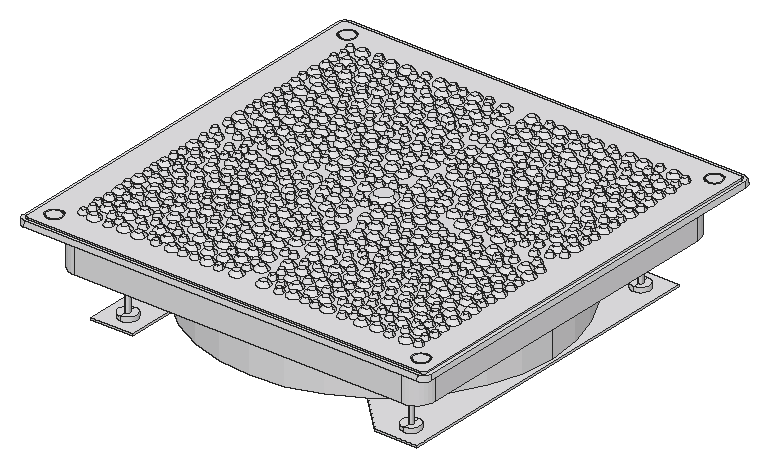
Revit family "Shower-Rainhead-KOHLER-REAL_RAIN-76728GL_1", category Plumbing Fixtures, host Face, Revit 2017 (continued)
Definition of nested family "76728GL"
  Lines and regions (in)
    symbolic lines, detail levels medium+fine
      curve 1306: circle (2.30077, 6.44949, 0) r 0.15606 normal (0, 0, -1)
      curve 1307: circle (2.30077, 6.44949, 0) r 0.29156 normal (0, 0, 1)
      curve 1308: circle (1.14785, 6.27548, 0) r 0.15606 normal (0, 0, -1)
      curve 1309: circle (1.14785, 6.27548, 0) r 0.29156 normal (0, 0, 1)
      curve 1310: circle (1.14785, 6.94339, 0) r 0.15606 normal (0, 0, -1)
      curve 1311: circle (1.14785, 6.94339, 0) r 0.29156 normal (0, 0, 1)
      curve 1312: circle (0.45641, 6.19154, 0) r 0.15606 normal (0, 0, -1)
      curve 1313: circle (0.45641, 6.19154, 0) r 0.29156 normal (0, 0, 1)
      curve 1314: circle (1.6864, 7.28597, 0) r 0.15606 normal (0, 0, -1)
      curve 1315: circle (1.6864, 7.28597, 0) r 0.29156 normal (0, 0, 1)
      curve 1316: circle (2.41508, 7.24129, 0) r 0.15606 normal (0, 0, -1)
      curve 1317: circle (2.41508, 7.24129, 0) r 0.29156 normal (0, 0, 1)
      curve 1318: circle (3.13824, 7.35243, 0) r 0.15606 normal (0, 0, -1)
      curve 1319: circle (3.13824, 7.35243, 0) r 0.29156 normal (0, 0, 1)
      curve 1320: circle (4.20923, 7.35243, 0) r 0.15606 normal (0, 0, -1)
      curve 1321: circle (4.20923, 7.35243, 0) r 0.29156 normal (0, 0, 1)
      curve 1322: circle (3.64419, 7.85502, 0) r 0.15606 normal (0, 0, -1)
      curve 1323: circle (3.64419, 7.85502, 0) r 0.29156 normal (0, 0, 1)
      curve 1324: circle (2.00171, 7.83254, 0) r 0.15606 normal (0, 0, -1)
      curve 1325: circle (2.00171, 7.83254, 0) r 0.29156 normal (0, 0, 1)
      curve 1326: circle (0.62214, 7.83254, 0) r 0.15606 normal (0, 0, -1)
      curve 1327: circle (0.62214, 7.83254, 0) r 0.29156 normal (0, 0, 1)
      curve 1328: circle (1.0179, 2.83215, 0) r 0.15606 normal (0, 0, -1)
      curve 1329: circle (1.0179, 2.83215, 0) r 0.29156 normal (0, 0, 1)
      curve 1330: circle (1.58948, 2.55353, 0) r 0.15606 normal (0, 0, -1)
      curve 1331: circle (1.58948, 2.55353, 0) r 0.29156 normal (0, 0, 1)
      curve 1332: circle (2.07688, 2.06613, 0) r 0.15606 normal (0, 0, -1)
      curve 1333: circle (2.07688, 2.06613, 0) r 0.29156 normal (0, 0, 1)
      curve 1334: circle (2.77363, 2.76289, 0) r 0.15606 normal (0, 0, -1)
      curve 1335: circle (2.77363, 2.76289, 0) r 0.29156 normal (0, 0, 1)
      curve 1336: circle (2.06641, 3.27076, 0) r 0.15606 normal (0, 0, -1)
      curve 1337: circle (2.06641, 3.27076, 0) r 0.29156 normal (0, 0, 1)
      curve 1338: circle (3.18096, 3.27076, 0) r 0.15606 normal (0, 0, -1)
      curve 1339: circle (3.18096, 3.27076, 0) r 0.29156 normal (0, 0, 1)
      curve 1340: circle (0.31748, 3.59996, 0) r 0.15606 normal (0, 0, -1)
      curve 1341: circle (0.32978, 3.59996, 0) r 0.29156 normal (0, 0, 1)
      curve 1342: circle (1.39099, 3.68858, 0) r 0.15606 normal (0, 0, -1)
      curve 1343: circle (1.39099, 3.68858, 0) r 0.29156 normal (0, 0, 1)
      curve 1344: circle (1.14884, 1.89843, 0) r 0.15606 normal (0, 0, -1)
      curve 1345: circle (1.14884, 1.89843, 0) r 0.29156 normal (0, 0, 1)
      curve 1346: circle (1.29926, 1.3051, 0) r 0.15606 normal (0, 0, -1)
      curve 1347: circle (1.29926, 1.3051, 0) r 0.29156 normal (0, 0, 1)
      curve 1348: circle (1.98541, 1.08418, 0) r 0.15606 normal (0, 0, -1)
      curve 1349: circle (1.98541, 1.08418, 0) r 0.29156 normal (0, 0, 1)
      curve 1350: circle (2.74277, 1.24033, 0) r 0.15606 normal (0, 0, -1)
      curve 1351: circle (2.74277, 1.24033, 0) r 0.29156 normal (0, 0, 1)
      curve 1352: circle (3.01491, 1.80988, 0) r 0.15606 normal (0, 0, -1)
      curve 1353: circle (3.01491, 1.80988, 0) r 0.29156 normal (0, 0, 1)
      curve 1354: circle (3.67221, 2.12976, 0) r 0.15606 normal (0, 0, -1)
      curve 1355: circle (3.67221, 2.12976, 0) r 0.29156 normal (0, 0, 1)
      curve 1356: circle (4.14845, 2.79937, 0) r 0.15606 normal (0, 0, -1)
      curve 1357: circle (4.14845, 2.79937, 0) r 0.29156 normal (0, 0, 1)
      curve 1358: circle (3.46729, 1.38107, 0) r 0.15606 normal (0, 0, -1)
      curve 1359: circle (3.46729, 1.38107, 0) r 0.29156 normal (0, 0, 1)
      curve 1360: circle (4.51529, 1.81361, 0) r 0.15606 normal (0, 0, -1)
      curve 1361: circle (4.51529, 1.81361, 0) r 0.29156 normal (0, 0, 1)
      curve 1362: circle (4.78291, 2.40567, 0) r 0.15606 normal (0, 0, -1)
      curve 1363: circle (4.78291, 2.40567, 0) r 0.29156 normal (0, 0, 1)
      curve 1364: circle (0.64558, 1.19439, 0) r 0.15606 normal (0, 0, -1)
      curve 1365: circle (0.64558, 1.19439, 0) r 0.29156 normal (0, 0, 1)
      curve 1366: circle (0.48775, 1.77933, 0) r 0.15606 normal (0, 0, -1)
      curve 1367: circle (0.48775, 1.77933, 0) r 0.29156 normal (0, 0, 1)
      curve 1368: circle (1.44252, 5.04582, 0) r 0.15606 normal (0, 0, -1)
      curve 1369: circle (1.44252, 5.04582, 0) r 0.29156 normal (0, 0, 1)
      curve 1370: circle (1.12949, 4.45711, 0) r 0.15606 normal (0, 0, -1)
      curve 1371: circle (1.12949, 4.45711, 0) r 0.29156 normal (0, 0, 1)
      curve 1372: circle (0.82072, 5.15063, 0) r 0.15606 normal (0, 0, -1)
      curve 1373: circle (0.82072, 5.15063, 0) r 0.29156 normal (0, 0, 1)
      curve 1374: circle (0.37881, 4.65985, 0) r 0.15606 normal (0, 0, -1)
      curve 1375: circle (0.37881, 4.65985, 0) r 0.29156 normal (0, 0, 1)
      curve 1376: circle (7.08981, 2.1876, 0) r 0.15606 normal (0, 0, -1)
      curve 1377: circle (7.08981, 2.1876, 0) r 0.29156 normal (0, 0, 1)
      curve 1378: circle (6.26035, 2.31359, 0) r 0.15606 normal (0, 0, -1)
      curve 1379: circle (6.26035, 2.31359, 0) r 0.29156 normal (0, 0, 1)
      curve 1380: circle (5.59904, 2.08885, 0) r 0.15606 normal (0, 0, -1)
      curve 1381: circle (5.59904, 2.08885, 0) r 0.29156 normal (0, 0, 1)
      curve 1382: circle (7.83946, 1.37976, 0) r 0.15606 normal (0, 0, -1)
      curve 1383: circle (7.83946, 1.37976, 0) r 0.29156 normal (0, 0, 1)
      curve 1384: circle (6.94214, 1.47796, 0) r 0.15606 normal (0, 0, -1)
      curve 1385: circle (6.94214, 1.47796, 0) r 0.29156 normal (0, 0, 1)
      curve 1386: circle (5.89769, 1.52239, 0) r 0.15606 normal (0, 0, -1)
      curve 1387: circle (5.89769, 1.52239, 0) r 0.29156 normal (0, 0, 1)
      curve 1388: circle (7.36549, 0.92679, 0) r 0.15606 normal (0, 0, -1)
      curve 1389: circle (7.36549, 0.92679, 0) r 0.29156 normal (0, 0, 1)
      curve 1390: circle (5.64718, 0.68231, 0) r 0.15606 normal (0, 0, -1)
      curve 1391: circle (5.64718, 0.68231, 0) r 0.29156 normal (0, 0, 1)
      curve 1392: circle (5.06596, 0.91553, 0) r 0.15606 normal (0, 0, -1)
      curve 1393: circle (5.06596, 0.91553, 0) r 0.29156 normal (0, 0, 1)
      curve 1394: circle (4.443, 1.08836, 0) r 0.15606 normal (0, 0, -1)
      curve 1395: circle (4.443, 1.08836, 0) r 0.29156 normal (0, 0, 1)
      curve 1396: circle (4.17653, 0.36051, 0) r 0.15606 normal (0, 0, -1)
      curve 1397: circle (4.17653, 0.36051, 0) r 0.29156 normal (0, 0, 1)
      curve 1398: circle (2.82224, 0.57468, 0) r 0.15606 normal (0, 0, -1)
      curve 1399: circle (2.82224, 0.57468, 0) r 0.29156 normal (0, 0, 1)
      curve 1400: circle (2.14566, 0.53624, 0) r 0.15606 normal (0, 0, -1)
      curve 1401: circle (2.14566, 0.53624, 0) r 0.29156 normal (0, 0, 1)
      curve 1402: arc (7.97233, -7.80181, 0) -> (7.85379, -7.68327, 0) -> (7.73525, -7.80181, 0) r 0.11854
      curve 1403: arc (7.73525, -7.80181, 0) -> (7.85379, -7.92035, 0) -> (7.97233, -7.80181, 0) r 0.11854
      curve 1404: arc (8.05064, -7.80181, 0) -> (7.85379, -7.99866, 0) -> (7.65694, -7.80181, 0) r 0.19685
      curve 1405: arc (7.65694, -7.80181, 0) -> (7.85379, -7.60496, 0) -> (8.05064, -7.80181, 0) r 0.19685
      curve 1406: arc (7.57586, -7.34201, 0) -> (7.77271, -7.14516, 0) -> (7.96956, -7.34201, 0) r 0.19685
      curve 1407: arc (7.89125, -7.34201, 0) -> (7.77271, -7.22347, 0) -> (7.65417, -7.34201, 0) r 0.11854
      curve 1408: arc (7.65417, -7.34201, 0) -> (7.77271, -7.46055, 0) -> (7.89125, -7.34201, 0) r 0.11854
      curve 1409: arc (7.18117, -7.0114, 0) -> (7.33724, -7.16746, 0) -> (7.4933, -7.0114, 0) r 0.15606
      curve 1410: arc (7.6288, -7.0114, 0) -> (7.33724, -7.30296, 0) -> (7.04568, -7.0114, 0) r 0.29156
      curve 1411: arc (7.7732, -6.89778, 0) -> (7.89174, -7.01632, 0) -> (8.01028, -6.89778, 0) r 0.11854
      curve 1412: arc (8.01028, -6.89778, 0) -> (7.89174, -6.77924, 0) -> (7.7732, -6.89778, 0) r 0.11854
      curve 1413: arc (7.69489, -6.89778, 0) -> (7.89174, -6.70093, 0) -> (8.08859, -6.89778, 0) r 0.19685
      curve 1414: arc (8.08859, -6.89778, 0) -> (7.89174, -7.09463, 0) -> (7.69489, -6.89778, 0) r 0.19685
      curve 1415: arc (7.96956, -7.34201, 0) -> (7.77271, -7.53886, 0) -> (7.57586, -7.34201, 0) r 0.19685
      curve 1416: arc (7.06528, -7.33037, 0) -> (6.86843, -7.52722, 0) -> (6.67158, -7.33037, 0) r 0.19685
      curve 1417: arc (6.74989, -7.33037, 0) -> (6.86843, -7.44891, 0) -> (6.98697, -7.33037, 0) r 0.11854
      curve 1418: arc (6.98697, -7.33037, 0) -> (6.86843, -7.21183, 0) -> (6.74989, -7.33037, 0) r 0.11854
      curve 1419: arc (6.67158, -7.33037, 0) -> (6.86843, -7.13352, 0) -> (7.06528, -7.33037, 0) r 0.19685
      curve 1420: arc (7.4933, -7.0114, 0) -> (7.33724, -6.85533, 0) -> (7.18117, -7.0114, 0) r 0.15606
      curve 1421: arc (7.04568, -7.0114, 0) -> (7.33724, -6.71984, 0) -> (7.6288, -7.0114, 0) r 0.29156
      curve 1422: arc (7.67856, -6.32854, 0) -> (7.79667, -6.44665, 0) -> (7.91478, -6.32854, 0) r 0.11811
      curve 1423: arc (7.91478, -6.32854, 0) -> (7.79667, -6.21043, 0) -> (7.67856, -6.32854, 0) r 0.11811
      curve 1424: arc (8.03289, -6.32854, 0) -> (7.79667, -6.56476, 0) -> (7.56045, -6.32854, 0) r 0.23622
      curve 1425: arc (7.56045, -6.32854, 0) -> (7.79667, -6.09232, 0) -> (8.03289, -6.32854, 0) r 0.23622
      curve 1426: arc (7.13487, -6.43069, 0) -> (7.25341, -6.54923, 0) -> (7.37195, -6.43069, 0) r 0.11854
      curve 1427: arc (7.37195, -6.43069, 0) -> (7.25341, -6.31215, 0) -> (7.13487, -6.43069, 0) r 0.11854
      curve 1428: arc (7.05656, -6.43069, 0) -> (7.25341, -6.23384, 0) -> (7.45026, -6.43069, 0) r 0.19685
      curve 1429: arc (7.45026, -6.43069, 0) -> (7.25341, -6.62754, 0) -> (7.05656, -6.43069, 0) r 0.19685
      curve 1430: arc (7.00745, -6.71547, 0) -> (6.88891, -6.59693, 0) -> (6.77037, -6.71547, 0) r 0.11854
      curve 1431: arc (6.77037, -6.71547, 0) -> (6.88891, -6.83401, 0) -> (7.00745, -6.71547, 0) r 0.11854
      curve 1432: arc (7.08576, -6.71547, 0) -> (6.88891, -6.91232, 0) -> (6.69206, -6.71547, 0) r 0.19685
      curve 1433: arc (6.69206, -6.71547, 0) -> (6.88891, -6.51862, 0) -> (7.08576, -6.71547, 0) r 0.19685
      curve 1434: arc (6.5401, -6.94474, 0) -> (6.38403, -6.78868, 0) -> (6.22797, -6.94474, 0) r 0.15606
      curve 1435: arc (6.22797, -6.94474, 0) -> (6.38403, -7.10081, 0) -> (6.5401, -6.94474, 0) r 0.15606
      curve 1436: arc (6.67559, -6.94474, 0) -> (6.38403, -7.2363, 0) -> (6.09247, -6.94474, 0) r 0.29156
      curve 1437: arc (6.09247, -6.94474, 0) -> (6.38403, -6.65318, 0) -> (6.67559, -6.94474, 0) r 0.29156
      curve 1438: arc (7.4644, -7.84791, 0) -> (7.30834, -7.69185, 0) -> (7.15228, -7.84791, 0) r 0.15606
      curve 1439: arc (7.01678, -7.84791, 0) -> (7.30834, -7.55635, 0) -> (7.5999, -7.84791, 0) r 0.29156
      curve 1440: arc (6.25934, -7.49929, 0) -> (6.37788, -7.61783, 0) -> (6.49642, -7.49929, 0) r 0.11854
      curve 1441: arc (6.49642, -7.49929, 0) -> (6.37788, -7.38075, 0) -> (6.25934, -7.49929, 0) r 0.11854
      curve 1442: arc (6.57473, -7.49929, 0) -> (6.37788, -7.69614, 0) -> (6.18103, -7.49929, 0) r 0.19685
      curve 1443: arc (6.18103, -7.49929, 0) -> (6.37788, -7.30244, 0) -> (6.57473, -7.49929, 0) r 0.19685
      curve 1444: arc (5.95426, -6.95862, 0) -> (5.83572, -6.84008, 0) -> (5.71718, -6.95862, 0) r 0.11854
      curve 1445: arc (5.71718, -6.95862, 0) -> (5.83572, -7.07716, 0) -> (5.95426, -6.95862, 0) r 0.11854
      curve 1446: arc (5.63887, -6.95862, 0) -> (5.83572, -6.76177, 0) -> (6.03257, -6.95862, 0) r 0.19685
      curve 1447: arc (6.03257, -6.95862, 0) -> (5.83572, -7.15547, 0) -> (5.63887, -6.95862, 0) r 0.19685
      curve 1448: arc (6.69785, -7.92317, 0) -> (6.57931, -7.80463, 0) -> (6.46077, -7.92317, 0) r 0.11854
      curve 1449: arc (6.38246, -7.92317, 0) -> (6.57931, -7.72632, 0) -> (6.77616, -7.92317, 0) r 0.19685
      curve 1450: arc (6.46077, -7.92317, 0) -> (6.57931, -8.04171, 0) -> (6.69785, -7.92317, 0) r 0.11854
      curve 1451: arc (6.77616, -7.92317, 0) -> (6.57931, -8.12002, 0) -> (6.38246, -7.92317, 0) r 0.19685
      curve 1452: arc (5.06468, -7.84791, 0) -> (5.22074, -8.00398, 0) -> (5.37681, -7.84791, 0) r 0.15606
      curve 1453: arc (5.37681, -7.84791, 0) -> (5.22074, -7.69185, 0) -> (5.06468, -7.84791, 0) r 0.15606
      curve 1454: arc (5.5123, -7.84791, 0) -> (5.22074, -8.13947, 0) -> (4.92918, -7.84791, 0) r 0.29156
      curve 1455: arc (4.92918, -7.84791, 0) -> (5.22074, -7.55635, 0) -> (5.5123, -7.84791, 0) r 0.29156
      curve 1456: arc (6.07406, -7.79916, 0) -> (5.91799, -7.64309, 0) -> (5.76193, -7.79916, 0) r 0.15606
      curve 1457: arc (5.76193, -7.79916, 0) -> (5.91799, -7.95522, 0) -> (6.07406, -7.79916, 0) r 0.15606
      curve 1458: arc (6.20955, -7.79916, 0) -> (5.91799, -8.09072, 0) -> (5.62643, -7.79916, 0) r 0.29156
      curve 1459: arc (5.62643, -7.79916, 0) -> (5.91799, -7.5076, 0) -> (6.20955, -7.79916, 0) r 0.29156
      curve 1460: arc (7.15228, -7.84791, 0) -> (7.30834, -8.00398, 0) -> (7.4644, -7.84791, 0) r 0.15606
      curve 1461: arc (7.5999, -7.84791, 0) -> (7.30834, -8.13947, 0) -> (7.01678, -7.84791, 0) r 0.29156
      curve 1462: arc (5.33493, -7.3028, 0) -> (5.45347, -7.42134, 0) -> (5.57201, -7.3028, 0) r 0.11854
      curve 1463: arc (5.57201, -7.3028, 0) -> (5.45347, -7.18426, 0) -> (5.33493, -7.3028, 0) r 0.11854
      curve 1464: arc (5.25662, -7.3028, 0) -> (5.45347, -7.10595, 0) -> (5.65032, -7.3028, 0) r 0.19685
      curve 1465: arc (5.65032, -7.3028, 0) -> (5.45347, -7.49965, 0) -> (5.25662, -7.3028, 0) r 0.19685
      curve 1466: arc (5.9672, -6.37778, 0) -> (6.12326, -6.53384, 0) -> (6.27933, -6.37778, 0) r 0.15606
      curve 1467: arc (6.27933, -6.37778, 0) -> (6.12326, -6.22171, 0) -> (5.9672, -6.37778, 0) r 0.15606
      curve 1468: arc (6.41482, -6.37778, 0) -> (6.12326, -6.66934, 0) -> (5.8317, -6.37778, 0) r 0.29156
      curve 1469: arc (5.8317, -6.37778, 0) -> (6.12326, -6.08622, 0) -> (6.41482, -6.37778, 0) r 0.29156
      curve 1470: arc (6.59481, -6.20013, 0) -> (6.75087, -6.3562, 0) -> (6.90694, -6.20013, 0) r 0.15606
      curve 1471: arc (6.90694, -6.20013, 0) -> (6.75087, -6.04407, 0) -> (6.59481, -6.20013, 0) r 0.15606
      curve 1472: arc (6.45931, -6.20013, 0) -> (6.75087, -5.90857, 0) -> (7.04243, -6.20013, 0) r 0.29156
      curve 1473: arc (7.04243, -6.20013, 0) -> (6.75087, -6.49169, 0) -> (6.45931, -6.20013, 0) r 0.29156
      curve 1474: arc (7.42192, -5.93266, 0) -> (7.30338, -5.81412, 0) -> (7.18484, -5.93266, 0) r 0.11854
      curve 1475: arc (7.18484, -5.93266, 0) -> (7.30338, -6.0512, 0) -> (7.42192, -5.93266, 0) r 0.11854
      curve 1476: arc (7.50023, -5.93266, 0) -> (7.30338, -6.12951, 0) -> (7.10653, -5.93266, 0) r 0.19685
      curve 1477: arc (7.10653, -5.93266, 0) -> (7.30338, -5.73581, 0) -> (7.50023, -5.93266, 0) r 0.19685
      curve 1478: arc (7.65638, -5.70698, 0) -> (7.81244, -5.86304, 0) -> (7.9685, -5.70698, 0) r 0.15606
      curve 1479: arc (7.9685, -5.70698, 0) -> (7.81244, -5.55092, 0) -> (7.65638, -5.70698, 0) r 0.15606
      curve 1480: arc (8.104, -5.70698, 0) -> (7.81244, -5.99854, 0) -> (7.52088, -5.70698, 0) r 0.29156
      curve 1481: arc (7.52088, -5.70698, 0) -> (7.81244, -5.41542, 0) -> (8.104, -5.70698, 0) r 0.29156
      curve 1482: arc (7.79876, -5.13688, 0) -> (7.9173, -5.25542, 0) -> (8.03584, -5.13688, 0) r 0.11854
      curve 1483: arc (8.03584, -5.13688, 0) -> (7.9173, -5.01834, 0) -> (7.79876, -5.13688, 0) r 0.11854
      curve 1484: arc (8.11415, -5.13688, 0) -> (7.9173, -5.33373, 0) -> (7.72045, -5.13688, 0) r 0.19685
      curve 1485: arc (7.72045, -5.13688, 0) -> (7.9173, -4.94003, 0) -> (8.11415, -5.13688, 0) r 0.19685
      curve 1486: arc (7.18958, -5.26479, 0) -> (7.34564, -5.42085, 0) -> (7.50171, -5.26479, 0) r 0.15606
      curve 1487: arc (7.50171, -5.26479, 0) -> (7.34564, -5.10873, 0) -> (7.18958, -5.26479, 0) r 0.15606
      curve 1488: arc (7.6372, -5.26479, 0) -> (7.34564, -5.55635, 0) -> (7.05408, -5.26479, 0) r 0.29156
      curve 1489: arc (7.21591, -4.79899, 0) -> (6.92435, -5.09055, 0) -> (6.63279, -4.79899, 0) r 0.29156
      curve 1490: arc (7.05408, -5.26479, 0) -> (7.34564, -4.97323, 0) -> (7.6372, -5.26479, 0) r 0.29156
      curve 1491: circle (7.82128, -4.58149, 0) r 0.15606 normal (0, 0, 1)
      curve 1492: circle (7.82128, -4.58149, 0) r 0.29156 normal (0, 0, -1)
      curve 1493: arc (6.76828, -4.79899, 0) -> (6.92435, -4.95505, 0) -> (7.08041, -4.79899, 0) r 0.15606
      curve 1494: arc (7.08041, -4.79899, 0) -> (6.92435, -4.64293, 0) -> (6.76828, -4.79899, 0) r 0.15606
      curve 1495: arc (6.63279, -4.79899, 0) -> (6.92435, -4.50743, 0) -> (7.21591, -4.79899, 0) r 0.29156
      curve 1496: arc (7.0422, -5.66677, 0) -> (6.92366, -5.54823, 0) -> (6.80512, -5.66677, 0) r 0.11854
      curve 1497: arc (6.80512, -5.66677, 0) -> (6.92366, -5.78531, 0) -> (7.0422, -5.66677, 0) r 0.11854
      curve 1498: arc (6.72681, -5.66677, 0) -> (6.92366, -5.46992, 0) -> (7.12051, -5.66677, 0) r 0.19685
      curve 1499: arc (7.12051, -5.66677, 0) -> (6.92366, -5.86362, 0) -> (6.72681, -5.66677, 0) r 0.19685
      curve 1500: arc (6.12204, -5.64932, 0) -> (6.2781, -5.80538, 0) -> (6.43417, -5.64932, 0) r 0.15606
      curve 1501: arc (6.43417, -5.64932, 0) -> (6.2781, -5.49326, 0) -> (6.12204, -5.64932, 0) r 0.15606
      curve 1502: arc (6.56966, -5.64932, 0) -> (6.2781, -5.94088, 0) -> (5.98654, -5.64932, 0) r 0.29156
      curve 1503: arc (5.98654, -5.64932, 0) -> (6.2781, -5.35776, 0) -> (6.56966, -5.64932, 0) r 0.29156
      curve 1504: arc (6.53704, -5.25006, 0) -> (6.65558, -5.3686, 0) -> (6.77413, -5.25006, 0) r 0.11854
      curve 1505: arc (6.77413, -5.25006, 0) -> (6.65558, -5.13152, 0) -> (6.53704, -5.25006, 0) r 0.11854
      curve 1506: arc (6.85244, -5.25006, 0) -> (6.65558, -5.44691, 0) -> (6.45873, -5.25006, 0) r 0.19685
      curve 1507: arc (6.45873, -5.25006, 0) -> (6.65558, -5.05321, 0) -> (6.85244, -5.25006, 0) r 0.19685
      curve 1508: arc (5.74964, -5.25006, 0) -> (5.86818, -5.3686, 0) -> (5.98672, -5.25006, 0) r 0.11854
      curve 1509: arc (5.98672, -5.25006, 0) -> (5.86818, -5.13152, 0) -> (5.74964, -5.25006, 0) r 0.11854
      curve 1510: arc (6.06503, -5.25006, 0) -> (5.86818, -5.44691, 0) -> (5.67133, -5.25006, 0) r 0.19685
      curve 1511: arc (5.67133, -5.25006, 0) -> (5.86818, -5.05321, 0) -> (6.06503, -5.25006, 0) r 0.19685
      curve 1512: arc (6.12211, -4.86607, 0) -> (6.27818, -5.02214, 0) -> (6.43424, -4.86607, 0) r 0.15606
      curve 1513: arc (6.43424, -4.86607, 0) -> (6.27818, -4.71001, 0) -> (6.12211, -4.86607, 0) r 0.15606
      curve 1514: arc (5.98662, -4.86607, 0) -> (6.27818, -4.57451, 0) -> (6.56974, -4.86607, 0) r 0.29156
      curve 1515: arc (6.56974, -4.86607, 0) -> (6.27818, -5.15763, 0) -> (5.98662, -4.86607, 0) r 0.29156
      curve 1516: arc (4.61324, -7.65089, 0) -> (4.73178, -7.76943, 0) -> (4.85032, -7.65089, 0) r 0.11854
      curve 1517: arc (4.85032, -7.65089, 0) -> (4.73178, -7.53235, 0) -> (4.61324, -7.65089, 0) r 0.11854
      curve 1518: arc (4.53493, -7.65089, 0) -> (4.73178, -7.45404, 0) -> (4.92863, -7.65089, 0) r 0.19685
      curve 1519: arc (4.92863, -7.65089, 0) -> (4.73178, -7.84774, 0) -> (4.53493, -7.65089, 0) r 0.19685
      curve 1520: arc (5.17716, -6.74381, 0) -> (5.2957, -6.86235, 0) -> (5.41424, -6.74381, 0) r 0.11854
      curve 1521: arc (5.41424, -6.74381, 0) -> (5.2957, -6.62527, 0) -> (5.17716, -6.74381, 0) r 0.11854
      curve 1522: arc (5.09885, -6.74381, 0) -> (5.2957, -6.54696, 0) -> (5.49255, -6.74381, 0) r 0.19685
      curve 1523: arc (5.49255, -6.74381, 0) -> (5.2957, -6.94066, 0) -> (5.09885, -6.74381, 0) r 0.19685
      curve 1524: arc (4.24755, -7.90694, 0) -> (4.36609, -8.02548, 0) -> (4.48464, -7.90694, 0) r 0.11854
      curve 1525: arc (4.48464, -7.90694, 0) -> (4.36609, -7.7884, 0) -> (4.24755, -7.90694, 0) r 0.11854
      curve 1526: arc (4.16924, -7.90694, 0) -> (4.36609, -7.71009, 0) -> (4.56295, -7.90694, 0) r 0.19685
      curve 1527: arc (4.56295, -7.90694, 0) -> (4.36609, -8.10379, 0) -> (4.16924, -7.90694, 0) r 0.19685
      curve 1528: arc (2.98194, -7.90694, 0) -> (3.10048, -8.02548, 0) -> (3.21902, -7.90694, 0) r 0.11854
      curve 1529: arc (3.21902, -7.90694, 0) -> (3.10048, -7.7884, 0) -> (2.98194, -7.90694, 0) r 0.11854
      curve 1530: arc (2.90363, -7.90694, 0) -> (3.10048, -7.71009, 0) -> (3.29733, -7.90694, 0) r 0.19685
      curve 1531: arc (3.29733, -7.90694, 0) -> (3.10048, -8.10379, 0) -> (2.90363, -7.90694, 0) r 0.19685
      curve 1532: arc (3.61028, -7.08506, 0) -> (3.72882, -7.2036, 0) -> (3.84736, -7.08506, 0) r 0.11854
      curve 1533: arc (3.84736, -7.08506, 0) -> (3.72882, -6.96652, 0) -> (3.61028, -7.08506, 0) r 0.11854
      curve 1534: arc (3.53197, -7.08506, 0) -> (3.72882, -6.88821, 0) -> (3.92567, -7.08506, 0) r 0.19685
      curve 1535: arc (3.92567, -7.08506, 0) -> (3.72882, -7.28191, 0) -> (3.53197, -7.08506, 0) r 0.19685
      curve 1536: arc (2.47489, -7.84973, 0) -> (2.59343, -7.96827, 0) -> (2.71197, -7.84973, 0) r 0.11854
      curve 1537: arc (2.71197, -7.84973, 0) -> (2.59343, -7.73118, 0) -> (2.47489, -7.84973, 0) r 0.11854
      curve 1538: arc (2.39658, -7.84973, 0) -> (2.59343, -7.65287, 0) -> (2.79028, -7.84973, 0) r 0.19685
      curve 1539: arc (2.79028, -7.84973, 0) -> (2.59343, -8.04658, 0) -> (2.39658, -7.84973, 0) r 0.19685
      curve 1540: arc (2.64312, -6.80387, 0) -> (2.76166, -6.92241, 0) -> (2.8802, -6.80387, 0) r 0.11854
      curve 1541: arc (2.8802, -6.80387, 0) -> (2.76166, -6.68533, 0) -> (2.64312, -6.80387, 0) r 0.11854
      curve 1542: arc (2.56481, -6.80387, 0) -> (2.76166, -6.60702, 0) -> (2.95851, -6.80387, 0) r 0.19685
      curve 1543: arc (2.95851, -6.80387, 0) -> (2.76166, -7.00072, 0) -> (2.56481, -6.80387, 0) r 0.19685
      curve 1544: arc (4.09031, -6.80387, 0) -> (4.20885, -6.92241, 0) -> (4.32739, -6.80387, 0) r 0.11854
      curve 1545: arc (4.32739, -6.80387, 0) -> (4.20885, -6.68533, 0) -> (4.09031, -6.80387, 0) r 0.11854
      curve 1546: arc (4.012, -6.80387, 0) -> (4.20885, -6.60702, 0) -> (4.4057, -6.80387, 0) r 0.19685
      curve 1547: arc (4.4057, -6.80387, 0) -> (4.20885, -7.00072, 0) -> (4.012, -6.80387, 0) r 0.19685
      curve 1548: arc (4.54622, -6.52269, 0) -> (4.66476, -6.64123, 0) -> (4.7833, -6.52269, 0) r 0.11854
      curve 1549: arc (4.7833, -6.52269, 0) -> (4.66476, -6.40415, 0) -> (4.54622, -6.52269, 0) r 0.11854
      curve 1550: arc (4.46791, -6.52269, 0) -> (4.66476, -6.32584, 0) -> (4.86161, -6.52269, 0) r 0.19685
      curve 1551: arc (4.86161, -6.52269, 0) -> (4.66476, -6.71954, 0) -> (4.46791, -6.52269, 0) r 0.19685
      curve 1552: arc (5.42258, -6.27957, 0) -> (5.54112, -6.39811, 0) -> (5.65966, -6.27957, 0) r 0.11854
      curve 1553: arc (5.65966, -6.27957, 0) -> (5.54112, -6.16103, 0) -> (5.42258, -6.27957, 0) r 0.11854
      curve 1554: arc (5.34427, -6.27957, 0) -> (5.54112, -6.08272, 0) -> (5.73797, -6.27957, 0) r 0.19685
      curve 1555: arc (5.73797, -6.27957, 0) -> (5.54112, -6.47642, 0) -> (5.34427, -6.27957, 0) r 0.19685
      curve 1556: arc (5.54072, -5.78627, 0) -> (5.65926, -5.90482, 0) -> (5.7778, -5.78627, 0) r 0.11854
      curve 1557: arc (5.7778, -5.78627, 0) -> (5.65926, -5.66773, 0) -> (5.54072, -5.78627, 0) r 0.11854
      curve 1558: arc (5.46241, -5.78627, 0) -> (5.65926, -5.58942, 0) -> (5.85611, -5.78627, 0) r 0.19685
      curve 1559: arc (5.85611, -5.78627, 0) -> (5.65926, -5.98313, 0) -> (5.46241, -5.78627, 0) r 0.19685
      curve 1560: arc (4.26519, -6.02662, 0) -> (4.38373, -6.14516, 0) -> (4.50227, -6.02662, 0) r 0.11854
      curve 1561: arc (4.50227, -6.02662, 0) -> (4.38373, -5.90808, 0) -> (4.26519, -6.02662, 0) r 0.11854
      curve 1562: arc (4.18688, -6.02662, 0) -> (4.38373, -5.82977, 0) -> (4.58058, -6.02662, 0) r 0.19685
      curve 1563: arc (4.58058, -6.02662, 0) -> (4.38373, -6.22347, 0) -> (4.18688, -6.02662, 0) r 0.19685
      curve 1564: arc (4.53176, -5.39897, 0) -> (4.6503, -5.51751, 0) -> (4.76884, -5.39897, 0) r 0.11854
      curve 1565: arc (4.76884, -5.39897, 0) -> (4.6503, -5.28043, 0) -> (4.53176, -5.39897, 0) r 0.11854
      curve 1566: arc (4.45345, -5.39897, 0) -> (4.6503, -5.20212, 0) -> (4.84715, -5.39897, 0) r 0.19685
      curve 1567: arc (4.84715, -5.39897, 0) -> (4.6503, -5.59582, 0) -> (4.45345, -5.39897, 0) r 0.19685
      curve 1568: arc (4.01766, -5.51334, 0) -> (4.1362, -5.63189, 0) -> (4.25474, -5.51334, 0) r 0.11854
      curve 1569: arc (4.25474, -5.51334, 0) -> (4.1362, -5.3948, 0) -> (4.01766, -5.51334, 0) r 0.11854
      curve 1570: arc (3.93935, -5.51334, 0) -> (4.1362, -5.31649, 0) -> (4.33305, -5.51334, 0) r 0.19685
      curve 1571: arc (4.33305, -5.51334, 0) -> (4.1362, -5.7102, 0) -> (3.93935, -5.51334, 0) r 0.19685
      curve 1572: arc (3.66705, -5.08924, 0) -> (3.78559, -5.20778, 0) -> (3.90413, -5.08924, 0) r 0.11854
      curve 1573: arc (3.90413, -5.08924, 0) -> (3.78559, -4.9707, 0) -> (3.66705, -5.08924, 0) r 0.11854
      curve 1574: arc (3.58874, -5.08924, 0) -> (3.78559, -4.89239, 0) -> (3.98244, -5.08924, 0) r 0.19685
      curve 1575: arc (3.98244, -5.08924, 0) -> (3.78559, -5.28609, 0) -> (3.58874, -5.08924, 0) r 0.19685
      curve 1576: arc (5.53916, -4.78288, 0) -> (5.6577, -4.90142, 0) -> (5.77624, -4.78288, 0) r 0.11854
      curve 1577: arc (5.77624, -4.78288, 0) -> (5.6577, -4.66434, 0) -> (5.53916, -4.78288, 0) r 0.11854
      curve 1578: arc (5.46085, -4.78288, 0) -> (5.6577, -4.58603, 0) -> (5.85455, -4.78288, 0) r 0.19685
      curve 1579: arc (5.85455, -4.78288, 0) -> (5.6577, -4.97973, 0) -> (5.46085, -4.78288, 0) r 0.19685
      curve 1580: arc (3.09302, -6.01662, 0) -> (3.21156, -6.13516, 0) -> (3.3301, -6.01662, 0) r 0.11854
      curve 1581: arc (3.3301, -6.01662, 0) -> (3.21156, -5.89808, 0) -> (3.09302, -6.01662, 0) r 0.11854
      curve 1582: arc (3.01471, -6.01662, 0) -> (3.21156, -5.81977, 0) -> (3.40841, -6.01662, 0) r 0.19685
      curve 1583: arc (3.40841, -6.01662, 0) -> (3.21156, -6.21347, 0) -> (3.01471, -6.01662, 0) r 0.19685
      curve 1584: arc (2.27158, -5.87499, 0) -> (2.39012, -5.99353, 0) -> (2.50867, -5.87499, 0) r 0.11854
      curve 1585: arc (2.50867, -5.87499, 0) -> (2.39012, -5.75644, 0) -> (2.27158, -5.87499, 0) r 0.11854
      curve 1586: arc (2.19327, -5.87499, 0) -> (2.39012, -5.67813, 0) -> (2.58698, -5.87499, 0) r 0.19685
      curve 1587: arc (2.58698, -5.87499, 0) -> (2.39012, -6.07184, 0) -> (2.19327, -5.87499, 0) r 0.19685
      curve 1588: arc (2.37257, -5.01257, 0) -> (2.49111, -5.13111, 0) -> (2.60965, -5.01257, 0) r 0.11854
      curve 1589: arc (2.60965, -5.01257, 0) -> (2.49111, -4.89403, 0) -> (2.37257, -5.01257, 0) r 0.11854
      curve 1590: arc (2.29426, -5.01257, 0) -> (2.49111, -4.81572, 0) -> (2.68796, -5.01257, 0) r 0.19685
      curve 1591: arc (2.68796, -5.01257, 0) -> (2.49111, -5.20942, 0) -> (2.29426, -5.01257, 0) r 0.19685
      curve 1592: arc (1.23964, -5.59712, 0) -> (1.35818, -5.71566, 0) -> (1.47672, -5.59712, 0) r 0.11854
      curve 1593: arc (1.47672, -5.59712, 0) -> (1.35818, -5.47858, 0) -> (1.23964, -5.59712, 0) r 0.11854
      curve 1594: arc (1.16133, -5.59712, 0) -> (1.35818, -5.40027, 0) -> (1.55503, -5.59712, 0) r 0.19685
      curve 1595: arc (1.55503, -5.59712, 0) -> (1.35818, -5.79397, 0) -> (1.16133, -5.59712, 0) r 0.19685
      curve 1596: arc (0.74576, -5.70373, 0) -> (0.8643, -5.82227, 0) -> (0.98284, -5.70373, 0) r 0.11854
      curve 1597: arc (0.98284, -5.70373, 0) -> (0.8643, -5.58519, 0) -> (0.74576, -5.70373, 0) r 0.11854
      curve 1598: arc (0.66745, -5.70373, 0) -> (0.8643, -5.50688, 0) -> (1.06115, -5.70373, 0) r 0.19685
      curve 1599: arc (1.06115, -5.70373, 0) -> (0.8643, -5.90058, 0) -> (0.66745, -5.70373, 0) r 0.19685
      curve 1600: arc (2.65714, -6.17692, 0) -> (2.77568, -6.29546, 0) -> (2.89422, -6.17692, 0) r 0.11854
      curve 1601: arc (2.89422, -6.17692, 0) -> (2.77568, -6.05838, 0) -> (2.65714, -6.17692, 0) r 0.11854
      curve 1602: arc (2.57883, -6.17692, 0) -> (2.77568, -5.98007, 0) -> (2.97253, -6.17692, 0) r 0.19685
      curve 1603: arc (2.97253, -6.17692, 0) -> (2.77568, -6.37377, 0) -> (2.57883, -6.17692, 0) r 0.19685
      curve 1604: arc (1.66577, -6.68216, 0) -> (1.78431, -6.8007, 0) -> (1.90285, -6.68216, 0) r 0.11854
      curve 1605: arc (1.90285, -6.68216, 0) -> (1.78431, -6.56362, 0) -> (1.66577, -6.68216, 0) r 0.11854
      curve 1606: arc (1.58746, -6.68216, 0) -> (1.78431, -6.48531, 0) -> (1.98116, -6.68216, 0) r 0.19685
      curve 1607: arc (1.98116, -6.68216, 0) -> (1.78431, -6.87901, 0) -> (1.58746, -6.68216, 0) r 0.19685
      curve 1608: arc (0.47774, -6.74916, 0) -> (0.59628, -6.8677, 0) -> (0.71482, -6.74916, 0) r 0.11854
      curve 1609: arc (0.71482, -6.74916, 0) -> (0.59628, -6.63062, 0) -> (0.47774, -6.74916, 0) r 0.11854
      curve 1610: arc (0.39943, -6.74916, 0) -> (0.59628, -6.55231, 0) -> (0.79313, -6.74916, 0) r 0.19685
      curve 1611: arc (0.79313, -6.74916, 0) -> (0.59628, -6.94601, 0) -> (0.39943, -6.74916, 0) r 0.19685
      curve 1612: arc (0.47774, -7.28378, 0) -> (0.59628, -7.40232, 0) -> (0.71482, -7.28378, 0) r 0.11854
      curve 1613: arc (0.71482, -7.28378, 0) -> (0.59628, -7.16524, 0) -> (0.47774, -7.28378, 0) r 0.11854
      curve 1614: arc (0.39943, -7.28378, 0) -> (0.59628, -7.08693, 0) -> (0.79313, -7.28378, 0) r 0.19685
      curve 1615: arc (0.79313, -7.28378, 0) -> (0.59628, -7.48063, 0) -> (0.39943, -7.28378, 0) r 0.19685
      curve 1616: arc (1.05645, -7.49767, 0) -> (1.17499, -7.61621, 0) -> (1.29354, -7.49767, 0) r 0.11854
      curve 1617: arc (1.29354, -7.49767, 0) -> (1.17499, -7.37913, 0) -> (1.05645, -7.49767, 0) r 0.11854
      curve 1618: arc (0.97814, -7.49767, 0) -> (1.17499, -7.30082, 0) -> (1.37185, -7.49767, 0) r 0.19685
      curve 1619: arc (1.37185, -7.49767, 0) -> (1.17499, -7.69452, 0) -> (0.97814, -7.49767, 0) r 0.19685
      curve 1620: arc (1.2954, -7.91154, 0) -> (1.41394, -8.03008, 0) -> (1.53248, -7.91154, 0) r 0.11854
      curve 1621: arc (1.53248, -7.91154, 0) -> (1.41394, -7.793, 0) -> (1.2954, -7.91154, 0) r 0.11854
      curve 1622: arc (1.21709, -7.91154, 0) -> (1.41394, -7.71469, 0) -> (1.61079, -7.91154, 0) r 0.19685
      curve 1623: arc (1.61079, -7.91154, 0) -> (1.41394, -8.10839, 0) -> (1.21709, -7.91154, 0) r 0.19685
      curve 1624: arc (0.08935, -5.53954, 0) -> (0.2079, -5.65808, 0) -> (0.32644, -5.53954, 0) r 0.11854
      curve 1625: arc (0.32644, -5.53954, 0) -> (0.2079, -5.421, 0) -> (0.08935, -5.53954, 0) r 0.11854
      curve 1626: arc (0.01104, -5.53954, 0) -> (0.2079, -5.34269, 0) -> (0.40475, -5.53954, 0) r 0.19685
      curve 1627: arc (0.40475, -5.53954, 0) -> (0.2079, -5.73639, 0) -> (0.01104, -5.53954, 0) r 0.19685
      curve 1628: arc (0.20581, -4.14288, 0) -> (0.32435, -4.26142, 0) -> (0.44289, -4.14288, 0) r 0.11854
      curve 1629: arc (0.44289, -4.14288, 0) -> (0.32435, -4.02434, 0) -> (0.20581, -4.14288, 0) r 0.11854
      curve 1630: arc (0.1275, -4.14288, 0) -> (0.32435, -3.94603, 0) -> (0.5212, -4.14288, 0) r 0.19685
      curve 1631: arc (0.5212, -4.14288, 0) -> (0.32435, -4.33973, 0) -> (0.1275, -4.14288, 0) r 0.19685
      curve 1632: arc (0.65654, -4.05363, 0) -> (0.77508, -4.17217, 0) -> (0.89362, -4.05363, 0) r 0.11854
      curve 1633: arc (0.89362, -4.05363, 0) -> (0.77508, -3.93509, 0) -> (0.65654, -4.05363, 0) r 0.11854
      curve 1634: arc (0.57823, -4.05363, 0) -> (0.77508, -3.85678, 0) -> (0.97193, -4.05363, 0) r 0.19685
      curve 1635: arc (0.97193, -4.05363, 0) -> (0.77508, -4.25048, 0) -> (0.57823, -4.05363, 0) r 0.19685
      curve 1636: arc (1.56771, -4.23074, 0) -> (1.68625, -4.34928, 0) -> (1.80479, -4.23074, 0) r 0.11854
      curve 1637: arc (1.80479, -4.23074, 0) -> (1.68625, -4.1122, 0) -> (1.56771, -4.23074, 0) r 0.11854
      curve 1638: arc (1.4894, -4.23074, 0) -> (1.68625, -4.03389, 0) -> (1.8831, -4.23074, 0) r 0.19685
      curve 1639: arc (1.8831, -4.23074, 0) -> (1.68625, -4.42759, 0) -> (1.4894, -4.23074, 0) r 0.19685
      curve 1640: arc (1.98053, -3.85616, 0) -> (2.09907, -3.9747, 0) -> (2.21761, -3.85616, 0) r 0.11854
      curve 1641: arc (2.21761, -3.85616, 0) -> (2.09907, -3.73762, 0) -> (1.98053, -3.85616, 0) r 0.11854
      curve 1642: arc (1.90222, -3.85616, 0) -> (2.09907, -3.65931, 0) -> (2.29592, -3.85616, 0) r 0.19685
      curve 1643: arc (2.29592, -3.85616, 0) -> (2.09907, -4.05301, 0) -> (1.90222, -3.85616, 0) r 0.19685
      curve 1644: circle (2.46191, -4.23524, 0) r 0.11854 normal (0, 0, 1)
      curve 1645: circle (2.46191, -4.23524, 0) r 0.19685 normal (0, 0, -1)
      curve 1646: circle (2.87498, -4.37583, 0) r 0.11854 normal (0, 0, 1)
      curve 1647: circle (2.87498, -4.37583, 0) r 0.19685 normal (0, 0, -1)
      curve 1648: circle (2.7653, -3.76815, 0) r 0.11854 normal (0, 0, 1)
      curve 1649: circle (2.7653, -3.76815, 0) r 0.19685 normal (0, 0, -1)
      curve 1650: circle (0.86929, -3.59174, 0) r 0.11854 normal (0, 0, 1)
      curve 1651: circle (0.86929, -3.59174, 0) r 0.19685 normal (0, 0, -1)
      curve 1652: circle (3.85272, -3.97645, 0) r 0.11854 normal (0, 0, 1)
      curve 1653: circle (3.85272, -3.97645, 0) r 0.19685 normal (0, 0, -1)
      curve 1654: circle (3.78059, -3.38928, 0) r 0.11854 normal (0, 0, 1)
      curve 1655: circle (3.78059, -3.38928, 0) r 0.19685 normal (0, 0, -1)
      curve 1656: circle (4.24983, -3.38928, 0) r 0.11854 normal (0, 0, 1)
      curve 1657: circle (4.24983, -3.38928, 0) r 0.19685 normal (0, 0, -1)
      curve 1658: circle (2.59898, -3.27788, 0) r 0.11854 normal (0, 0, 1)
      curve 1659: circle (2.59898, -3.27788, 0) r 0.19685 normal (0, 0, -1)
      curve 1660: circle (5.09811, -3.96126, 0) r 0.11854 normal (0, 0, 1)
      curve 1661: circle (5.09811, -3.96126, 0) r 0.19685 normal (0, 0, -1)
      curve 1662: circle (4.69511, -2.8355, 0) r 0.11854 normal (0, 0, 1)
      curve 1663: circle (4.69511, -2.8355, 0) r 0.19685 normal (0, 0, -1)
      curve 1664: circle (3.5025, -2.79019, 0) r 0.11854 normal (0, 0, 1)
      curve 1665: circle (3.5025, -2.79019, 0) r 0.19685 normal (0, 0, -1)
      curve 1666: circle (5.79386, -2.63623, 0) r 0.11854 normal (0, 0, 1)
      curve 1667: circle (5.79386, -2.63623, 0) r 0.19685 normal (0, 0, -1)
      curve 1668: circle (5.31997, -2.57524, 0) r 0.11854 normal (0, 0, 1)
      curve 1669: circle (5.31997, -2.57524, 0) r 0.19685 normal (0, 0, -1)
      curve 1670: circle (5.96612, -3.35566, 0) r 0.11854 normal (0, 0, 1)
      curve 1671: circle (5.96612, -3.35566, 0) r 0.19685 normal (0, 0, -1)
      curve 1672: circle (6.47978, -3.74775, 0) r 0.11854 normal (0, 0, 1)
      curve 1673: circle (6.47978, -3.74775, 0) r 0.19685 normal (0, 0, -1)
      curve 1674: circle (3.16321, -2.43479, 0) r 0.11854 normal (0, 0, 1)
      curve 1675: circle (3.16321, -2.43479, 0) r 0.19685 normal (0, 0, -1)
      curve 1676: circle (4.2167, -2.20742, 0) r 0.11854 normal (0, 0, 1)
      curve 1677: circle (4.2167, -2.20742, 0) r 0.19685 normal (0, 0, -1)
      curve 1678: circle (2.65655, -2.14467, 0) r 0.11854 normal (0, 0, 1)
      curve 1679: circle (2.65655, -2.14467, 0) r 0.19685 normal (0, 0, -1)
      curve 1680: circle (2.22581, -2.66819, 0) r 0.11854 normal (0, 0, 1)
      curve 1681: circle (2.22581, -2.66819, 0) r 0.19685 normal (0, 0, -1)
      curve 1682: circle (3.59671, -4.5703, 0) r 0.11854 normal (0, 0, 1)
      curve 1683: circle (3.59671, -4.5703, 0) r 0.19685 normal (0, 0, -1)
      curve 1684: circle (4.14701, -4.36437, 0) r 0.11854 normal (0, 0, 1)
      curve 1685: circle (4.14701, -4.36437, 0) r 0.19685 normal (0, 0, -1)
      curve 1686: circle (4.84785, -4.29059, 0) r 0.11854 normal (0, 0, 1)
      curve 1687: circle (4.84785, -4.29059, 0) r 0.19685 normal (0, 0, -1)
      curve 1688: circle (5.43686, -4.364, 0) r 0.11854 normal (0, 0, 1)
      curve 1689: circle (5.43686, -4.364, 0) r 0.19685 normal (0, 0, -1)
      curve 1690: circle (6.74151, -4.187, 0) r 0.11854 normal (0, 0, 1)
      curve 1691: circle (6.74151, -4.187, 0) r 0.19685 normal (0, 0, -1)
      curve 1692: circle (7.82621, -4.03381, 0) r 0.11854 normal (0, 0, 1)
      curve 1693: circle (7.82621, -4.03381, 0) r 0.19685 normal (0, 0, -1)
      curve 1694: circle (7.88415, -3.62343, 0) r 0.11854 normal (0, 0, 1)
      curve 1695: circle (7.88415, -3.62343, 0) r 0.19685 normal (0, 0, -1)
      curve 1696: circle (7.36634, -3.62343, 0) r 0.11854 normal (0, 0, 1)
      curve 1697: circle (7.36634, -3.62343, 0) r 0.19685 normal (0, 0, -1)
      curve 1698: circle (7.25572, -2.99565, 0) r 0.11854 normal (0, 0, 1)
      curve 1699: circle (7.25572, -2.99565, 0) r 0.19685 normal (0, 0, -1)
      curve 1700: circle (7.9033, -2.44878, 0) r 0.11854 normal (0, 0, 1)
      curve 1701: circle (7.9033, -2.44878, 0) r 0.19685 normal (0, 0, -1)
      curve 1702: circle (7.44723, -2.56619, 0) r 0.11854 normal (0, 0, 1)
      curve 1703: circle (7.44723, -2.56619, 0) r 0.19685 normal (0, 0, -1)
      curve 1704: circle (6.86056, -2.65249, 0) r 0.11854 normal (0, 0, 1)
      curve 1705: circle (6.86056, -2.65249, 0) r 0.19685 normal (0, 0, -1)
      curve 1706: circle (7.8535, -1.97505, 0) r 0.11854 normal (0, 0, 1)
      curve 1707: circle (7.8535, -1.97505, 0) r 0.19685 normal (0, 0, -1)
      curve 1708: circle (7.42991, -1.75503, 0) r 0.11854 normal (0, 0, 1)
      curve 1709: circle (7.42991, -1.75503, 0) r 0.19685 normal (0, 0, -1)
      curve 1710: circle (6.52787, -1.81154, 0) r 0.11854 normal (0, 0, 1)
      curve 1711: circle (6.52787, -1.81154, 0) r 0.19685 normal (0, 0, -1)
      curve 1712: circle (6.41974, -1.2998, 0) r 0.11854 normal (0, 0, 1)
      curve 1713: circle (6.41974, -1.2998, 0) r 0.19685 normal (0, 0, -1)
      curve 1714: circle (5.41234, -1.32319, 0) r 0.11854 normal (0, 0, 1)
      curve 1715: circle (5.41234, -1.32319, 0) r 0.19685 normal (0, 0, -1)
      curve 1716: circle (4.99518, -1.45245, 0) r 0.11854 normal (0, 0, 1)
      curve 1717: circle (4.99518, -1.45245, 0) r 0.19685 normal (0, 0, -1)
      curve 1718: circle (5.08311, -1.90856, 0) r 0.11854 normal (0, 0, 1)
      curve 1719: circle (5.08311, -1.90856, 0) r 0.19685 normal (0, 0, -1)
      curve 1720: circle (7.88331, -0.66569, 0) r 0.11854 normal (0, 0, 1)
      curve 1721: circle (7.88331, -0.66569, 0) r 0.19685 normal (0, 0, -1)
      curve 1722: circle (7.47304, -0.36097, 0) r 0.11854 normal (0, 0, 1)
      curve 1723: circle (7.47304, -0.36097, 0) r 0.19685 normal (0, 0, -1)
      curve 1724: circle (6.68082, -0.72386, 0) r 0.11854 normal (0, 0, 1)
      curve 1725: circle (6.68082, -0.72386, 0) r 0.19685 normal (0, 0, -1)
      curve 1726: circle (6.08875, -0.96881, 0) r 0.11854 normal (0, 0, 1)
      curve 1727: circle (6.08875, -0.96881, 0) r 0.19685 normal (0, 0, -1)
      curve 1728: circle (6.19876, -0.49922, 0) r 0.11854 normal (0, 0, 1)
      curve 1729: circle (6.19876, -0.49922, 0) r 0.19685 normal (0, 0, -1)
      curve 1730: circle (4.72461, -0.40322, 0) r 0.11854 normal (0, 0, 1)
      curve 1731: circle (4.72461, -0.40322, 0) r 0.19685 normal (0, 0, -1)
      curve 1732: circle (3.90783, -0.92458, 0) r 0.11854 normal (0, 0, 1)
      curve 1733: circle (3.90783, -0.92458, 0) r 0.19685 normal (0, 0, -1)
      curve 1734: circle (4.00851, -1.48521, 0) r 0.11854 normal (0, 0, 1)
      curve 1735: circle (4.00851, -1.48521, 0) r 0.19685 normal (0, 0, -1)
      curve 1736: circle (3.39692, -0.78769, 0) r 0.11854 normal (0, 0, 1)
      curve 1737: circle (3.39692, -0.78769, 0) r 0.19685 normal (0, 0, -1)
      curve 1738: circle (2.40801, -1.67229, 0) r 0.11854 normal (0, 0, 1)
      curve 1739: circle (2.40801, -1.67229, 0) r 0.19685 normal (0, 0, -1)
      curve 1740: circle (1.73512, -1.62054, 0) r 0.11854 normal (0, 0, 1)
      curve 1741: circle (1.73512, -1.62054, 0) r 0.19685 normal (0, 0, -1)
      curve 1742: circle (0.72307, -2.21976, 0) r 0.11854 normal (0, 0, 1)
      curve 1743: circle (0.72307, -2.21976, 0) r 0.19685 normal (0, 0, -1)
      curve 1744: circle (1.65898, -0.69651, 0) r 0.11854 normal (0, 0, 1)
      curve 1745: circle (1.65898, -0.69651, 0) r 0.19685 normal (0, 0, -1)
      curve 1746: circle (1.1947, -0.69651, 0) r 0.11854 normal (0, 0, 1)
      curve 1747: circle (1.1947, -0.69651, 0) r 0.19685 normal (0, 0, -1)
      curve 1748: circle (0.67998, -0.59869, 0) r 0.11854 normal (0, 0, 1)
      curve 1749: circle (0.67998, -0.59869, 0) r 0.19685 normal (0, 0, -1)
      curve 1750: circle (0.23186, -0.84532, 0) r 0.11854 normal (0, 0, 1)
      curve 1751: circle (0.23186, -0.84532, 0) r 0.19685 normal (0, 0, -1)
      curve 1752: circle (0.63289, -3.15317, 0) r 0.11854 normal (0, 0, 1)
      curve 1753: circle (0.63289, -3.15317, 0) r 0.19685 normal (0, 0, -1)
      curve 1754: circle (1.49516, -3.15317, 0) r 0.11854 normal (0, 0, 1)
      curve 1755: circle (1.49516, -3.15317, 0) r 0.19685 normal (0, 0, -1)
      curve 1756: circle (7.29334, -4.24741, 0) r 0.15606 normal (0, 0, 1)
      curve 1757: circle (7.29334, -4.24741, 0) r 0.29156 normal (0, 0, -1)
      curve 1758: circle (7.82245, -3.12832, 0) r 0.15606 normal (0, 0, 1)
      curve 1759: circle (7.82245, -3.12832, 0) r 0.29156 normal (0, 0, -1)
      curve 1760: circle (6.85462, -3.34898, 0) r 0.15606 normal (0, 0, 1)
      curve 1761: circle (6.85462, -3.34898, 0) r 0.29156 normal (0, 0, -1)
      curve 1762: circle (5.62756, -3.80507, 0) r 0.15606 normal (0, 0, 1)
      curve 1763: circle (5.62756, -3.80507, 0) r 0.29156 normal (0, 0, -1)
      curve 1764: circle (4.82199, -3.45226, 0) r 0.15606 normal (0, 0, 1)
      curve 1765: circle (4.82199, -3.45226, 0) r 0.29156 normal (0, 0, -1)
      curve 1766: circle (5.40723, -3.12777, 0) r 0.15606 normal (0, 0, 1)
      curve 1767: circle (5.40723, -3.12777, 0) r 0.29156 normal (0, 0, -1)
      curve 1768: circle (6.36192, -2.89484, 0) r 0.15606 normal (0, 0, 1)
      curve 1769: circle (6.36192, -2.89484, 0) r 0.29156 normal (0, 0, -1)
      curve 1770: circle (4.34247, -4.91429, 0) r 0.15606 normal (0, 0, 1)
      curve 1771: circle (4.34247, -4.91429, 0) r 0.29156 normal (0, 0, -1)
      curve 1772: circle (4.4625, -3.93676, 0) r 0.15606 normal (0, 0, 1)
      curve 1773: circle (4.4625, -3.93676, 0) r 0.29156 normal (0, 0, -1)
      curve 1774: circle (5.01681, -4.83008, 0) r 0.15606 normal (0, 0, 1)
      curve 1775: circle (5.01681, -4.83008, 0) r 0.29156 normal (0, 0, -1)
      curve 1776: circle (6.18588, -4.25436, 0) r 0.15606 normal (0, 0, 1)
      curve 1777: circle (6.18588, -4.25436, 0) r 0.29156 normal (0, 0, -1)
      curve 1778: circle (5.34001, -5.40321, 0) r 0.15606 normal (0, 0, 1)
      curve 1779: circle (5.34001, -5.40321, 0) r 0.29156 normal (0, 0, -1)
      curve 1780: circle (3.51448, -5.55034, 0) r 0.15606 normal (0, 0, 1)
      curve 1781: circle (3.51448, -5.55034, 0) r 0.29156 normal (0, 0, -1)
      curve 1782: circle (3.10071, -4.88623, 0) r 0.15606 normal (0, 0, 1)
      curve 1783: circle (3.10071, -4.88623, 0) r 0.29156 normal (0, 0, -1)
      curve 1784: circle (3.31768, -4.03518, 0) r 0.15606 normal (0, 0, 1)
      curve 1785: circle (3.31768, -4.03518, 0) r 0.29156 normal (0, 0, -1)
      curve 1786: circle (2.06089, -4.71587, 0) r 0.15606 normal (0, 0, 1)
      curve 1787: circle (2.06089, -4.71587, 0) r 0.29156 normal (0, 0, -1)
      curve 1788: circle (5.00476, -6.00035, 0) r 0.15606 normal (0, 0, 1)
      curve 1789: circle (5.00476, -6.00035, 0) r 0.29156 normal (0, 0, -1)
      curve 1790: circle (3.84681, -6.21719, 0) r 0.15606 normal (0, 0, 1)
      curve 1791: circle (3.84681, -6.21719, 0) r 0.29156 normal (0, 0, -1)
      curve 1792: circle (4.8246, -7.08812, 0) r 0.15606 normal (0, 0, 1)
      curve 1793: circle (4.8246, -7.08812, 0) r 0.29156 normal (0, 0, -1)
      curve 1794: circle (3.29634, -6.68392, 0) r 0.15606 normal (0, 0, 1)
      curve 1795: circle (3.29634, -6.68392, 0) r 0.29156 normal (0, 0, -1)
      curve 1796: circle (2.82299, -5.45316, 0) r 0.15606 normal (0, 0, 1)
      curve 1797: circle (2.82299, -5.45316, 0) r 0.29156 normal (0, 0, -1)
      curve 1798: circle (2.05996, -5.39676, 0) r 0.15606 normal (0, 0, 1)
      curve 1799: circle (2.05996, -5.39676, 0) r 0.29156 normal (0, 0, -1)
      curve 1800: circle (1.75218, -6.02088, 0) r 0.15606 normal (0, 0, 1)
      curve 1801: circle (1.75218, -6.02088, 0) r 0.29156 normal (0, 0, -1)
      curve 1802: circle (2.30077, -6.44949, 0) r 0.15606 normal (0, 0, 1)
      curve 1803: circle (2.30077, -6.44949, 0) r 0.29156 normal (0, 0, -1)
      curve 1804: circle (1.14785, -6.27548, 0) r 0.15606 normal (0, 0, 1)
      curve 1805: circle (1.14785, -6.27548, 0) r 0.29156 normal (0, 0, -1)
      curve 1806: circle (1.14785, -6.94339, 0) r 0.15606 normal (0, 0, 1)
      curve 1807: circle (1.14785, -6.94339, 0) r 0.29156 normal (0, 0, -1)
      curve 1808: circle (0.45641, -6.19154, 0) r 0.15606 normal (0, 0, 1)
      curve 1809: circle (0.45641, -6.19154, 0) r 0.29156 normal (0, 0, -1)
      curve 1810: circle (1.6864, -7.28597, 0) r 0.15606 normal (0, 0, 1)
      curve 1811: circle (1.6864, -7.28597, 0) r 0.29156 normal (0, 0, -1)
      curve 1812: circle (2.41508, -7.24129, 0) r 0.15606 normal (0, 0, 1)
      curve 1813: circle (2.41508, -7.24129, 0) r 0.29156 normal (0, 0, -1)
      curve 1814: circle (3.13824, -7.35243, 0) r 0.15606 normal (0, 0, 1)
      curve 1815: circle (3.13824, -7.35243, 0) r 0.29156 normal (0, 0, -1)
      curve 1816: circle (4.20923, -7.35243, 0) r 0.15606 normal (0, 0, 1)
      curve 1817: circle (4.20923, -7.35243, 0) r 0.29156 normal (0, 0, -1)
      curve 1818: circle (3.64419, -7.85502, 0) r 0.15606 normal (0, 0, 1)
      curve 1819: circle (3.64419, -7.85502, 0) r 0.29156 normal (0, 0, -1)
      curve 1820: circle (2.00171, -7.83254, 0) r 0.15606 normal (0, 0, 1)
      curve 1821: circle (2.00171, -7.83254, 0) r 0.29156 normal (0, 0, -1)
      curve 1822: circle (0.62214, -7.83254, 0) r 0.15606 normal (0, 0, 1)
      curve 1823: circle (0.62214, -7.83254, 0) r 0.29156 normal (0, 0, -1)
      curve 1824: circle (1.0179, -2.83215, 0) r 0.15606 normal (0, 0, 1)
      curve 1825: circle (1.0179, -2.83215, 0) r 0.29156 normal (0, 0, -1)
      curve 1826: circle (1.58948, -2.55353, 0) r 0.15606 normal (0, 0, 1)
      curve 1827: circle (1.58948, -2.55353, 0) r 0.29156 normal (0, 0, -1)
      curve 1828: circle (2.07688, -2.06613, 0) r 0.15606 normal (0, 0, 1)
      curve 1829: circle (2.07688, -2.06613, 0) r 0.29156 normal (0, 0, -1)
      curve 1830: circle (2.77363, -2.76289, 0) r 0.15606 normal (0, 0, 1)
      curve 1831: circle (2.77363, -2.76289, 0) r 0.29156 normal (0, 0, -1)
      curve 1832: circle (2.06641, -3.27076, 0) r 0.15606 normal (0, 0, 1)
      curve 1833: circle (2.06641, -3.27076, 0) r 0.29156 normal (0, 0, -1)
      curve 1834: circle (3.18096, -3.27076, 0) r 0.15606 normal (0, 0, 1)
      curve 1835: circle (3.18096, -3.27076, 0) r 0.29156 normal (0, 0, -1)
      curve 1836: circle (0.31748, -3.59996, 0) r 0.15606 normal (0, 0, 1)
      curve 1837: circle (0.32978, -3.59996, 0) r 0.29156 normal (0, 0, -1)
      curve 1838: circle (1.39099, -3.68858, 0) r 0.15606 normal (0, 0, 1)
      curve 1839: circle (1.39099, -3.68858, 0) r 0.29156 normal (0, 0, -1)
      curve 1840: circle (1.14884, -1.89843, 0) r 0.15606 normal (0, 0, 1)
      curve 1841: circle (1.14884, -1.89843, 0) r 0.29156 normal (0, 0, -1)
      curve 1842: circle (1.29926, -1.3051, 0) r 0.15606 normal (0, 0, 1)
      curve 1843: circle (1.29926, -1.3051, 0) r 0.29156 normal (0, 0, -1)
      curve 1844: circle (1.98541, -1.08418, 0) r 0.15606 normal (0, 0, 1)
      curve 1845: circle (1.98541, -1.08418, 0) r 0.29156 normal (0, 0, -1)
      curve 1846: circle (2.74277, -1.24033, 0) r 0.15606 normal (0, 0, 1)
      curve 1847: circle (2.74277, -1.24033, 0) r 0.29156 normal (0, 0, -1)
      curve 1848: circle (3.01491, -1.80988, 0) r 0.15606 normal (0, 0, 1)
      curve 1849: circle (3.01491, -1.80988, 0) r 0.29156 normal (0, 0, -1)
      curve 1850: circle (3.67221, -2.12976, 0) r 0.15606 normal (0, 0, 1)
      curve 1851: circle (3.67221, -2.12976, 0) r 0.29156 normal (0, 0, -1)
      curve 1852: circle (4.14845, -2.79937, 0) r 0.15606 normal (0, 0, 1)
      curve 1853: circle (4.14845, -2.79937, 0) r 0.29156 normal (0, 0, -1)
      curve 1854: circle (3.46729, -1.38107, 0) r 0.15606 normal (0, 0, 1)
      curve 1855: circle (3.46729, -1.38107, 0) r 0.29156 normal (0, 0, -1)
      curve 1856: circle (4.51529, -1.81361, 0) r 0.15606 normal (0, 0, 1)
      curve 1857: circle (4.51529, -1.81361, 0) r 0.29156 normal (0, 0, -1)
      curve 1858: circle (4.78291, -2.40567, 0) r 0.15606 normal (0, 0, 1)
      curve 1859: circle (4.78291, -2.40567, 0) r 0.29156 normal (0, 0, -1)
      curve 1860: circle (0.64558, -1.19439, 0) r 0.15606 normal (0, 0, 1)
      curve 1861: circle (0.64558, -1.19439, 0) r 0.29156 normal (0, 0, -1)
      curve 1862: circle (0.48775, -1.77933, 0) r 0.15606 normal (0, 0, 1)
      curve 1863: circle (0.48775, -1.77933, 0) r 0.29156 normal (0, 0, -1)
      curve 1864: circle (1.44252, -5.04582, 0) r 0.15606 normal (0, 0, 1)
      curve 1865: circle (1.44252, -5.04582, 0) r 0.29156 normal (0, 0, -1)
      curve 1866: circle (1.12949, -4.45711, 0) r 0.15606 normal (0, 0, 1)
      curve 1867: circle (1.12949, -4.45711, 0) r 0.29156 normal (0, 0, -1)
      curve 1868: circle (0.82072, -5.15063, 0) r 0.15606 normal (0, 0, 1)
      curve 1869: circle (0.82072, -5.15063, 0) r 0.29156 normal (0, 0, -1)
      curve 1870: circle (0.37881, -4.65985, 0) r 0.15606 normal (0, 0, 1)
      curve 1871: circle (0.37881, -4.65985, 0) r 0.29156 normal (0, 0, -1)
      curve 1872: circle (7.08981, -2.1876, 0) r 0.15606 normal (0, 0, 1)
      curve 1873: circle (7.08981, -2.1876, 0) r 0.29156 normal (0, 0, -1)
      curve 1874: circle (6.26035, -2.31359, 0) r 0.15606 normal (0, 0, 1)
      curve 1875: circle (6.26035, -2.31359, 0) r 0.29156 normal (0, 0, -1)
      curve 1876: circle (5.59904, -2.08885, 0) r 0.15606 normal (0, 0, 1)
      curve 1877: circle (5.59904, -2.08885, 0) r 0.29156 normal (0, 0, -1)
      curve 1878: circle (7.83946, -1.37976, 0) r 0.15606 normal (0, 0, 1)
      curve 1879: circle (7.83946, -1.37976, 0) r 0.29156 normal (0, 0, -1)
      curve 1880: circle (6.94214, -1.47796, 0) r 0.15606 normal (0, 0, 1)
      curve 1881: circle (6.94214, -1.47796, 0) r 0.29156 normal (0, 0, -1)
      curve 1882: circle (5.89769, -1.52239, 0) r 0.15606 normal (0, 0, 1)
      curve 1883: circle (5.89769, -1.52239, 0) r 0.29156 normal (0, 0, -1)
      curve 1884: circle (7.36549, -0.92679, 0) r 0.15606 normal (0, 0, 1)
      curve 1885: circle (7.36549, -0.92679, 0) r 0.29156 normal (0, 0, -1)
      curve 1886: circle (5.64718, -0.68231, 0) r 0.15606 normal (0, 0, 1)
      curve 1887: circle (5.64718, -0.68231, 0) r 0.29156 normal (0, 0, -1)
      curve 1888: circle (5.06596, -0.91553, 0) r 0.15606 normal (0, 0, 1)
      curve 1889: circle (5.06596, -0.91553, 0) r 0.29156 normal (0, 0, -1)
      curve 1890: circle (4.443, -1.08836, 0) r 0.15606 normal (0, 0, 1)
      curve 1891: circle (4.443, -1.08836, 0) r 0.29156 normal (0, 0, -1)
      curve 1892: circle (4.17653, -0.36051, 0) r 0.15606 normal (0, 0, 1)
      curve 1893: circle (4.17653, -0.36051, 0) r 0.29156 normal (0, 0, -1)
      curve 1894: circle (2.82224, -0.57468, 0) r 0.15606 normal (0, 0, 1)
      curve 1895: circle (2.82224, -0.57468, 0) r 0.29156 normal (0, 0, -1)
      curve 1896: circle (2.14566, -0.53624, 0) r 0.15606 normal (0, 0, 1)
      curve 1897: circle (2.14566, -0.53624, 0) r 0.29156 normal (0, 0, -1)
      curve 1898: arc (-7.97233, -7.80181, 0) -> (-7.85379, -7.68327, 0) -> (-7.73525, -7.80181, 0) r 0.11854
